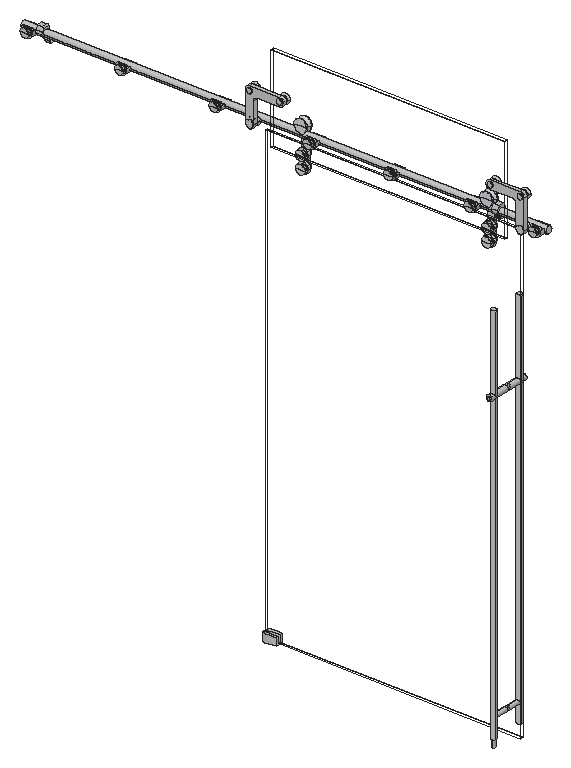
Revit family "Doors_Sliding_Avanti_Systems_Eclipse-Sliding-Single-Glass-Barn-Doors-Sgl-Glazed", category Doors, Revit 2015 (continued)
Definition of nested family "Handle"
  Definition of nested family "Hinged Framed Swing locker"
    Forms (in)
      Extrusion 4, solid, material <- "Handle and assembly material", visible <- "Lock", detail levels medium+fine
        sketch origin (1, -4, 4.59375) x (-1, 0, 0) y (0, -1, 0)
          loop
            circle (1, -6.0625) r 0.63654
          loop
            circle (1, -6.0625) r 0.60041
        from 0 to 0.25
      Extrusion 5, solid, material <- "Handle and assembly material", visible <- "Lock", detail levels medium+fine
        sketch origin (1, -4, 4.59375) x (-1, 0, 0) y (0, -1, 0)
          loop
            circle (1, -6.0625) r 0.60041
        from 0 to 0.209
      Blend 6, solid, material <- "Handle and assembly material", visible <- "Lock", detail levels fine
        base sketch origin (1, -4, 4.80275) x (-1, 0, 0) y (0, -1, 0)
          loop
            circle (1, -5.84645) r 0.21605
        top sketch origin (1, -4, 4.80275) x (-1, 0, 0) y (0, -1, 0)
          loop
            circle (1, -5.84645) r 0.19257
        from 0 to 0.041
      Extrusion 7, solid, material <- "Handle and assembly material"
        sketch origin (1, -4, 4.59375) x (-1, 0, 0) y (0, -1, 0)
          loop
            circle (1, -2.4375) r 0.35547
        from 0 to 1.45847
      Extrusion 8, void
        sketch origin (0.04357, -4.04543, 4) x (0, 0, -1) y (-0.017452, 0.999848, 0)
          loop
            line (-1.23355, 2.79297) -> (-1.23355, 2.90667) -> (-2.86779, 2.90667) -> (-2.86779, 2.69544) -> (-1.36779, 2.69544)
            arc (-1.36779, 2.69544) -> (-1.28242, 2.71908) -> (-1.23355, 2.79297) r 0.12635
        from -3.60215 to 0.49573
      Extrusion 9, solid, material <- "Handle and assembly material"
        sketch origin (1, -4, 4.59375) x (-1, 0, 0) y (0, -1, 0)
          loop
            arc (0.71851, -2.22043) -> (0.66353, -2.32283) -> (0.64453, -2.4375) r 0.35547
            arc (0.64453, -2.4375) -> (0.66353, -2.55217) -> (0.71851, -2.65457) r 0.35547
            line (0.71851, -2.65457) -> (5.3098, -2.57443) -> (5.375, -2.50923) -> (5.375, -2.36577) -> (5.3098, -2.30057) -> (0.71851, -2.22043)
        from 1.45847 to 2.125
      Extrusion 10, void
        sketch origin (0.04357, 0.92043, 4) x (0, 0, -1) y (0.017452, 0.999848, 0)
          loop
            arc (-1.23355, -2.79297) -> (-1.28242, -2.71908) -> (-1.36779, -2.69544) r 0.12635
            line (-1.36779, -2.69544) -> (-2.86779, -2.69544) -> (-2.86779, -2.90667) -> (-1.23355, -2.90667) -> (-1.23355, -2.79297)
        from -3.60215 to 0.49573
      Extrusion 11, solid, material <- "Handle and assembly material"
        sketch origin (1, -4, 3.40625) x (0, 1, 0) y (1, 0, 0)
          loop
            circle (2.4375, -1) r 0.35547
        from 0 to 1.45847
      Extrusion 12, void
        sketch origin (0.04357, -4.04543, 4) x (0, 0, 1) y (0.017452, -0.999848, 0)
          loop
            arc (-1.23355, -2.79297) -> (-1.28242, -2.71908) -> (-1.36779, -2.69544) r 0.12635
            line (-1.36779, -2.69544) -> (-2.86779, -2.69544) -> (-2.86779, -2.90667) -> (-1.23355, -2.90667) -> (-1.23355, -2.79297)
        from -3.60215 to 0.49573
      Extrusion 13, solid, material <- "Handle and assembly material"
        sketch origin (1, -4, 3.40625) x (0, 1, 0) y (1, 0, 0)
          loop
            line (2.22043, -0.71851) -> (2.30057, -5.3098) -> (2.36577, -5.375) -> (2.50923, -5.375) -> (2.57443, -5.3098) -> (2.65457, -0.71851)
            arc (2.65457, -0.71851) -> (2.55217, -0.66353) -> (2.4375, -0.64453) r 0.35547
            arc (2.4375, -0.64453) -> (2.32283, -0.66353) -> (2.22043, -0.71851) r 0.35547
        from 1.45847 to 2.125
      Extrusion 14, void
        sketch origin (0.04357, 0.92043, 4) x (0, 0, 1) y (-0.017452, -0.999848, 0)
          loop
            line (-1.23355, 2.79297) -> (-1.23355, 2.90667) -> (-2.86779, 2.90667) -> (-2.86779, 2.69544) -> (-1.36779, 2.69544)
            arc (-1.36779, 2.69544) -> (-1.28242, 2.71908) -> (-1.23355, 2.79297) r 0.12635
        from -3.60215 to 0.49573
    Cuts and joins
      Extrusion 8, Extrusion 10, Extrusion 12, Extrusion 14 cuts Extrusion 7
      Extrusion 10, Extrusion 12, Extrusion 14 cuts Extrusion 9
      joined: Extrusion 7, Extrusion 9
      Extrusion 12, Extrusion 14 cuts Extrusion 11
      Extrusion 12 cuts Extrusion 13
      joined: Extrusion 11, Extrusion 13
    Lines and regions (in)
      reference lines
        curve 1: line (0.35547, -1.5625, 0) -> (-4.39453, -1.5625, 0)
    Dimensions and locks (in)
      plane 4 to plane 5 = 1 3/16"
      plane 6 to plane 7 = 2"
      plane 11 to plane 2 = 8"
      plane 11 to plane 12 to plane 13 to plane 14 to plane 16 = 3 5/16" locked, 1" locked, 9/16" locked, 85/256" locked
      equal spacing: plane 17, plane 1 "Center (Front/Back)", plane 18
      "Thickness": plane 17 to plane 18
      locked: plane 19 to plane 7 at 0.09714
      locked: plane 15 to plane 10 at 0.11461
      equal spacing: plane 6, plane 3 "Center (Left/Right)", plane 7
      locked: plane 11 to plane 20 at 1.9375
      locked: plane 5 to plane 21 at 0.25
      locked: plane 22 to plane 21 at 0.041
      locked: plane 11 to plane 23 "handle_center" at 5.5625
      locked: plane 24 to plane 7 at 5.375
      locked: plane 5 to plane 29 at 2.125
      "Thickness": plane 32 to plane 33
      locked: Extrusion 1 to plane 32 at 0.34375
      locked: plane 33 to Extrusion 1 at 0.34375
      aligned and locked: level to plane 2
      aligned and locked: Extrusion 1 sketch curve to plane 6  (x2)
      aligned and locked: plane 7 to Extrusion 1 sketch curve
      aligned and locked: plane 7 to Extrusion 3 sketch curve  (x2)
      aligned and locked: plane 15 to Extrusion 3 sketch curve
      aligned and locked: plane 7 to Extrusion 2 sketch curve  (x2)
      aligned and locked: plane 10 to Extrusion 2 sketch curve
      aligned and locked: plane 19 to Extrusion 1 sketch curve
      aligned and locked: Extrusion 1 to plane 32
      aligned and locked: plane 33 to Extrusion 1
    Automatic sketch dimensions
      Extrusion 1 sketch curve to plane 12 = 3/32"
      Extrusion 1 sketch curve to Extrusion 1 sketch curve = 11/32"
      plane 13 to Extrusion 1 sketch curve = 1/16"
      Extrusion 1 sketch curve to plane 13 = 9/32"
      plane 23 "handle_center" to Extrusion 2 sketch curve = 0.09981"
      Extrusion 2 sketch curve to plane 3 "Center (Left/Right)" = 0.21269"
      plane 13 to Extrusion 2 sketch curve = 1/16"
      Extrusion 3 sketch curve to Extrusion 3 sketch curve = 0"  (x2)
      plane 19 to Extrusion 3 sketch curve = 0.0325"  (x2)
      Extrusion 3 sketch curve to plane 7 = 0.14874"  (x2)
      Extrusion 3 sketch curve to Extrusion 3 sketch curve = 0.01087"  (x2)
      Extrusion 3 sketch curve to Extrusion 3 sketch curve = 0.08227"
      Extrusion 3 sketch curve to plane 12 = 7/16"
      Extrusion 3 sketch curve to Extrusion 3 sketch curve = 0.09962"
      Extrusion 3 sketch curve to Extrusion 3 sketch curve = 0.1465"
      Extrusion 3 sketch curve to Extrusion 3 sketch curve = 0.06811"  (x2)
      Extrusion 3 sketch curve to Extrusion 3 sketch curve = 0.20701"
      plane 13 to Extrusion 3 sketch curve = 1/16"
      Extrusion 4 sketch curve to Extrusion 4 sketch curve = 0"  (x2)
      Extrusion 4 sketch curve to Extrusion 1 = 1"
      Extrusion 1 to Extrusion 4 sketch curve = 1 15/16"
      Extrusion 5 sketch curve to Extrusion 1 = 1"
      Extrusion 1 to Extrusion 5 sketch curve = 1 15/16"
      Extrusion 7 sketch curve to plane 3 "Center (Left/Right)" = 0"
      plane 25 to Extrusion 7 sketch curve = 0.32895"
      plane 20 to Extrusion 8 sketch curve = 0.80529"
      plane 12 to Extrusion 8 sketch curve = 0.68029"
      Extrusion 8 sketch curve to Extrusion 8 sketch curve = 0.0111"
      Extrusion 8 sketch curve to Extrusion 8 sketch curve = 0.12313"
      Extrusion 8 sketch curve to Extrusion 8 sketch curve = 0.09753"
      Extrusion 8 sketch curve to Extrusion 8 sketch curve = 0.1137"
      Extrusion 9 sketch curve to Extrusion 9 sketch curve = 0"  (x4)
      Extrusion 9 sketch curve to Extrusion 1 = 0.71851"
      Extrusion 9 sketch curve to Extrusion 9 sketch curve = 0.28149"
      Extrusion 1 to Extrusion 9 sketch curve = 3.3098"
      Extrusion 9 sketch curve to Extrusion 9 sketch curve = 0.0652"  (x3)
      Extrusion 1 to Extrusion 9 sketch curve = 2.65457"
      Extrusion 1 to Extrusion 9 sketch curve = 2.57443"
      Extrusion 9 sketch curve to Extrusion 9 sketch curve = 0.21707"
      Extrusion 9 sketch curve to Extrusion 9 sketch curve = 0.14346"
      plane 20 to Extrusion 10 sketch curve = 0.80529"
      plane 12 to Extrusion 10 sketch curve = 0.68029"
      Extrusion 10 sketch curve to Extrusion 10 sketch curve = 0.0111"
      Extrusion 10 sketch curve to Extrusion 10 sketch curve = 0.12313"
      Extrusion 10 sketch curve to Extrusion 10 sketch curve = 0.08537"
      Extrusion 10 sketch curve to Extrusion 10 sketch curve = 0.1137"
      Extrusion 11 sketch curve to plane 3 "Center (Left/Right)" = 0"
      plane 25 to Extrusion 11 sketch curve = 0.32895"
      plane 27 to Extrusion 12 sketch curve = 1.04735"
      Extrusion 12 sketch curve to plane 26 = 0.06323"
      Extrusion 12 sketch curve to plane 26 = 0.05213"
      Extrusion 12 sketch curve to plane 16 = 0.02652"
      Extrusion 12 sketch curve to Extrusion 12 sketch curve = 0.08537"
      Extrusion 12 sketch curve to Extrusion 12 sketch curve = 0.1137"
      Extrusion 13 sketch curve to Extrusion 13 sketch curve = 0"  (x2)
      Extrusion 13 sketch curve to plane 24 = 0"
      Extrusion 13 sketch curve to plane 3 "Center (Left/Right)" = 0"
      plane 28 to Extrusion 13 sketch curve = 0.27265"
      Extrusion 13 sketch curve to plane 24 = 0.0652"  (x2)
      plane 28 to Extrusion 13 sketch curve = 0.35279"
      Extrusion 13 sketch curve to Extrusion 13 sketch curve = 0.0652"  (x2)
      plane 25 to Extrusion 13 sketch curve = 0.32895"
      Extrusion 13 sketch curve to Extrusion 13 sketch curve = 0.14346"
      plane 25 to Extrusion 13 sketch curve = 0.11187"
      plane 3 "Center (Left/Right)" to Extrusion 13 sketch curve = 0.28149"
      plane 27 to Extrusion 14 sketch curve = 1.04735"
      Extrusion 14 sketch curve to plane 26 = 0.06323"
      Extrusion 14 sketch curve to plane 26 = 0.05213"
      Extrusion 14 sketch curve to plane 16 = 0.02652"
      Extrusion 14 sketch curve to Extrusion 14 sketch curve = 0.09753"
      Extrusion 14 sketch curve to Extrusion 14 sketch curve = 0.1137"
      plane 24 to curve 1 = 5/256"
      plane 25 to curve 1 = 0.32895"
      plane 3 "Center (Left/Right)" to curve 1 = 91/256"
      radius of Extrusion 4 sketch curve = 0.63654"
      radius of Extrusion 4 sketch curve = 0.60041"
      radius of Extrusion 5 sketch curve = 0.60041"
      radius of Blend 6 sketch curve = 0.21605"
      radius of Blend 6 sketch curve = 0.19257"
      radius of Extrusion 7 sketch curve = 91/256"
      radius of Extrusion 11 sketch curve = 91/256"
  Definition of nested family "Handle_For-Glass_Rounded_600mm"
    Parameters (values of type "Handle_For-Glass_Rounded_600mm")
      Handle Material [instance] = none
      Handle Height [instance] = 48"  # constant formula
      Default Elevation = 48"
    Reference planes (in)
      plane 1 "Center (Front/Back)": y = 0
      plane 2: z = 26.93599
      plane 3 "Center (Left/Right)": x = 0
      plane 4: z = 0
      plane 5: z = -2.66749
      plane 6: y = -28.44876
      plane 7: y = 14.63423
      plane 8: y = -33.36577
    Forms (in)
      Sweep 1, solid, material <- "Handle Material"
        path origin (0, -17.24158, 0) x (0, 0, 1) y (0, -1, 0)
          loop
            line (-2.10925, 11.20718) -> (0, 11.20718)
        profile origin (0, -28.44876, 0) x (0, -1, 0) y (1, 0, 0)
          loop
            circle (0, 0) r 0.3125
      Sweep 2, solid, material <- "Handle Material"
        path origin (0, 10.76459, 0) x (0, 0, 1) y (0, -1, 0)
          loop
            line (-2.30394, 1.07019) -> (0, 1.07019)
        profile origin (0, 9.69441, 0) x (0, -1, 0) y (1, 0, 0)
          loop
            circle (0, 0) r 0.3125
      Extrusion 3, solid, material <- "Handle Material"
        sketch origin (0, -17.24158, 0) x (1, 0, 0) y (0, 0, -1)
          loop
            circle (0, 2.27257) r 0.39445
        from -16.12419 to 31.87581
    Dimensions and locks (in)
      locked: plane 8 to plane 6 at 4.91701
      "Handle Height": plane 7 to plane 8
      aligned and locked: plane 7 to Extrusion 3
      aligned and locked: Extrusion 3 to plane 8
  Definition of nested family "Handle_For-Glass_Rounded_60in"
    Parameters (values of type "60"")
      No locker [instance] = yes
      Locker [instance] = yes
      Handle Material [instance] = none
      Handle Height [instance] = 60"  # constant formula
    Reference planes (in)
      plane 1 "Center (Front/Back)": y = 0
      plane 2: z = 19.87581
      plane 3 "Center (Left/Right)": x = 0
      plane 4: z = 2.66749
      plane 5: y = -36.97039
      plane 6: z = 0
      plane 7: y = 20.02961
      plane 8: y = -39.97039
    Forms (in)
      Sweep 1, solid, material <- "Handle Material"
        path origin (0, -11.8462, 0) x (0, 0, -1) y (0, 1, 0)
          loop
            line (-2.10925, -25.12419) -> (0, -25.12419)
        profile origin (0, -36.97039, 0) x (1, 0, 0) y (0, 1, 0)
          loop
            circle (0, 0) r 0.3125
      Sweep 2, solid, material <- "Handle Material"
        path origin (0, 16.15997, 0) x (0, 0, -1) y (0, 1, 0)
          loop
            line (-3.10757, -8.13036) -> (0, -8.13036)
        profile origin (0, 8.02961, 0) x (1, 0, 0) y (0, 1, 0)
          loop
            circle (0, 0) r 0.4375
      Extrusion 3, solid, material <- "Handle Material"
        sketch origin (0, -11.8462, 0) x (1, 0, 0) y (0, 0, -1)
          loop
            circle (0, -2.27257) r 0.39445
        from -28.12419 to 31.87581
      Revolve 4, solid, material <- "Handle Material"
        sketch origin (0, -11.8462, 0) x (0, 0, -1) y (0, 1, 0)
          loop
            line (-3.10757, 20.0489) -> (-3.19084, 20.0489) -> (-3.19084, 19.87581) -> (-3.10757, 19.87581) -> (-3.10757, 20.0489)
          axis (-3.10757, 19.87581) -> (-3.19084, 19.87581)
        angle from 0 to 360
      Extrusion 5, solid, material <- "Handle Material", visible <- "Locker"
        sketch origin (0, -11.8462, 0) x (0, 0, -1) y (0, 1, 0)
          loop
            line (-3.19084, 19.98905) -> (-3.34908, 19.98905)
            arc (-3.34908, 19.98905) -> (-3.37904, 19.97664) -> (-3.39145, 19.94668) r 0.04237
            line (-3.39145, 19.94668) -> (-3.39145, 19.80495)
            arc (-3.39145, 19.80495) -> (-3.37904, 19.77499) -> (-3.34908, 19.76258) r 0.04237
            line (-3.34908, 19.76258) -> (-3.19084, 19.76258) -> (-3.19084, 19.98905)
        from -0.03592 to 0.03621
      Revolve 6, solid, material <- "Handle Material", visible <- "No locker"
        sketch origin (0, -11.62359, 0) x (0, 0, -1) y (0, 1, 0)
          loop
            line (-3.10757, 20.0489) -> (-3.20833, 20.0489) -> (-3.20833, 19.87581) -> (-3.10757, 19.87581) -> (-3.10757, 20.0489)
          axis (-3.10757, 19.87581) -> (-3.20833, 19.87581)
        angle from 0 to 360
      Revolve 7, solid, material <- "Handle Material", visible <- "Locker"
        sketch origin (0, -11.8462, 0) x (0, 0, -1) y (0, 1, 0)
          loop
            line (-2.27257, -28.12419) -> (-2.50833, -28.12419) -> (-2.50833, -29.32199) -> (-2.41048, -29.49919) -> (-2.27257, -29.49919) -> (-2.27257, -28.12419)
          axis (-2.27257, -28.12419) -> (-2.27257, -29.49919)
        angle from 0 to 360
    Lines and regions (in)
      reference lines
        curve 1: line (0, -40.47039, 2.66749) -> (0, -40.47039, 0)
    Dimensions and locks (in)
      locked: plane 8 to plane 5 at 3
      "Handle Height": plane 7 to plane 8
      aligned and locked: Extrusion 3 to plane 7
      aligned and locked: Extrusion 3 to plane 8
      aligned and locked: Sweep 1 sketch curve to plane 5
  Definition of nested family "Handle_For-Glass_Rounded_60in2"
    Parameters (values of type "60"")
      No locker [instance] = yes
      Locker [instance] = yes
      Handle Material [instance] = none
      Handle Height [instance] = 60"  # constant formula
    Reference planes (in)
      plane 1 "Center (Front/Back)": y = 0
      plane 2: z = 19.87581
      plane 3 "Center (Left/Right)": x = 0
      plane 4: y = -36.97039
      plane 5: z = 0
      plane 6: y = 20.02961
      plane 7: y = -39.97039
      plane 8: z = -2.66749
    Forms (in)
      Sweep 1, solid, material <- "Handle Material"
        path origin (0, -11.8462, 0) x (0, 0, 1) y (0, 1, 0)
          loop
            line (-2.10925, -25.12419) -> (0, -25.12419)
        profile origin (0, -36.97039, 0) x (0, -1, 0) y (1, 0, 0)
          loop
            circle (0, 0) r 0.3125
      Sweep 2, solid, material <- "Handle Material"
        path origin (0, 16.15997, 0) x (0, 0, 1) y (0, 1, 0)
          loop
            line (-3.10757, -8.13036) -> (0, -8.13036)
        profile origin (0, 8.02961, 0) x (0, -1, 0) y (1, 0, 0)
          loop
            circle (0, 0) r 0.4375
      Extrusion 3, solid, material <- "Handle Material"
        sketch origin (0, -11.8462, 0) x (1, 0, 0) y (0, 0, -1)
          loop
            circle (0, 2.27257) r 0.39445
        from -28.12419 to 31.87581
      Revolve 4, solid, material <- "Handle Material"
        sketch origin (0, -11.8462, 0) x (0, 0, 1) y (0, 1, 0)
          loop
            line (-3.10757, 20.0489) -> (-3.19084, 20.0489) -> (-3.19084, 19.87581) -> (-3.10757, 19.87581) -> (-3.10757, 20.0489)
          axis (-3.10757, 19.87581) -> (-3.19084, 19.87581)
        angle from 0 to 360
      Extrusion 5, solid, material <- "Handle Material", visible <- "Locker"
        sketch origin (0, -11.8462, 0) x (0, 0, 1) y (0, -1, 0)
          loop
            line (-3.19084, -19.98905) -> (-3.19084, -19.76258) -> (-3.34908, -19.76258)
            arc (-3.34908, -19.76258) -> (-3.37904, -19.77499) -> (-3.39145, -19.80495) r 0.04237
            line (-3.39145, -19.80495) -> (-3.39145, -19.94668)
            arc (-3.39145, -19.94668) -> (-3.37904, -19.97664) -> (-3.34908, -19.98905) r 0.04237
            line (-3.34908, -19.98905) -> (-3.19084, -19.98905)
        from -0.03592 to 0.03621
      Revolve 6, solid, material <- "Handle Material", visible <- "No locker"
        sketch origin (0, -11.62359, 0) x (0, 0, 1) y (0, 1, 0)
          loop
            line (-3.10757, 20.0489) -> (-3.20833, 20.0489) -> (-3.20833, 19.87581) -> (-3.10757, 19.87581) -> (-3.10757, 20.0489)
          axis (-3.10757, 19.87581) -> (-3.20833, 19.87581)
        angle from 0 to 360
      Revolve 7, solid, material <- "Handle Material", visible <- "Locker"
        sketch origin (0, -11.8462, 0) x (0, 0, 1) y (0, 1, 0)
          loop
            line (-2.27257, -28.12419) -> (-2.50833, -28.12419) -> (-2.50833, -29.32199) -> (-2.41048, -29.49919) -> (-2.27257, -29.49919) -> (-2.27257, -28.12419)
          axis (-2.27257, -28.12419) -> (-2.27257, -29.49919)
        angle from 0 to 360
    Lines and regions (in)
      reference lines
        curve 1: line (0, -40.47039, -2.66749) -> (0, -40.47039, 0)
    Dimensions and locks (in)
      locked: plane 7 to plane 4 at 3
      "Handle Height": plane 6 to plane 7
Definition of nested family "Arrow"
  Reference planes (in)
    plane 1 "Center (Front/Back)": y = 0
    plane 2: z = 0
    plane 3 "Center (Left/Right)": x = 0
  Lines and regions (in)
    detail lines, in view "Ref. Level"
      curve 1: line (-2.57725, 1.35976, 0) -> (-3.93701, 0, 0)
      curve 2: line (-3.93701, 0, 0) -> (3.93701, 0, 0)
      curve 3: line (-2.57725, -1.35976, 0) -> (-3.93701, 0, 0)
